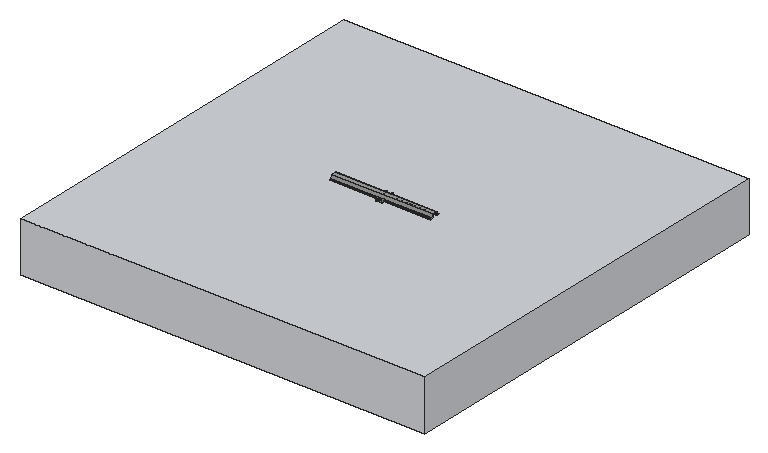
Revit family
Parameters
  Specification = "http://www.acousticalsurfaces.com/csi_specs/rsic/RSIC-V-Product-Guide-Specification.doc"
  Product Data = "http://www.acousticalsurfaces.com/rsic_clips/rsic_v.htm?d=46"
  Manufacturer Website = "www.acousticalsurfaces.com"
  Manufacturer Phone (Toll Free) = "(800) 448-0121"
  Manufacturer Phone = "(952) 448-5300"
  Manufacturer Fax = "(952) 448-2613"
  Manufacturer Email = "sales@acousticalsufaces.com"
  Manufacturer Address = "123 Columbia Court North, Suite 201, Chaska, Minnesota 55318"
  Default Elevation = 4' - 0"
  Construction Details = "http://www.acousticalsurfaces.com/rsic_clips/art/rsic-v/wall-24.jpg"
Reference planes (in)
  plane 1 "Center (Front/Back)": y = 0
  plane 2: z = 0
  plane 3 "Center (Left/Right)": x = 0
Forms (in)
  Extrusion 1, solid
    sketch origin (0, 0, 0) x (1, 0, 0) y (0, 1, 0)
      loop
        line (-48, 48) -> (-48, -48) -> (48, -48) -> (48, 48) -> (-48, 48)
    from 0 to -12
  Extrusion 2, solid, material "Metal Furring"
    sketch origin (0, 0, 1.17165) x (0, -1, 0) y (0, 0, -1)
      loop
        line (-0.63791, 0) -> (0.63791, 0) -> (0.74581, 0.75533)
        arc (0.74581, 0.75533) -> (0.76673, 0.79371) -> (0.80768, 0.80899) r 0.0625
        line (0.80768, 0.80899) -> (1.24686, 0.80899) -> (1.24686, 0.84326) -> (0.80825, 0.84326)
        arc (0.80825, 0.84326) -> (0.75706, 0.82416) -> (0.73091, 0.77619) r 0.07813
        line (0.73091, 0.77619) -> (0.62226, 0.01562) -> (-0.62226, 0.01562) -> (-0.73091, 0.77619)
        arc (-0.73091, 0.77619) -> (-0.75706, 0.82416) -> (-0.80825, 0.84326) r 0.07813
        line (-0.80825, 0.84326) -> (-1.24686, 0.84326) -> (-1.24686, 0.80899) -> (-0.80768, 0.80899)
        arc (-0.80768, 0.80899) -> (-0.76673, 0.79371) -> (-0.74581, 0.75533) r 0.0625
        line (-0.74581, 0.75533) -> (-0.63791, 0)
    from -12 to 12
  Extrusion 3, solid, material "Metal - Steel - Acoustical Surfaces - RSIC"
    sketch origin (0, 0, 1.10889) x (1, 0, 0) y (0, 0, -1)
      loop
        line (-0.71873, 1.04488) -> (-0.71873, 0.31597) -> (-0.68738, 0.31597) -> (-0.68738, 1.04907)
        arc (-0.68738, 1.04907) -> (-0.67738, 1.06941) -> (-0.65625, 1.07764) r 0.03125
        line (-0.65625, 1.07764) -> (0.65625, 1.07764)
        arc (0.65625, 1.07764) -> (0.67835, 1.06848) -> (0.6875, 1.04639) r 0.03125
        line (0.6875, 1.04639) -> (0.6875, 0.31597) -> (0.71873, 0.31597) -> (0.71873, 1.04789)
        arc (0.71873, 1.04789) -> (0.69991, 1.09111) -> (0.65625, 1.10889) r 0.0625
        line (0.65625, 1.10889) -> (-0.65625, 1.10889)
        arc (-0.65625, 1.10889) -> (-0.70097, 1.09005) -> (-0.71873, 1.04488) r 0.0625
    from -1.5 to 1.5
  Extrusion 4, void
    sketch origin (0, 0, 1.10889) x (0, -1, 0) y (0, 0, -1)
      loop
        line (1.26535, 0.93701) -> (-1.26535, 0.93701) -> (-1.26535, 0.7417) -> (-1.0102, 0.7417)
        spline (-1.0102, 0.7417) -> (-1.0137, 0.69044) -> (-1.02414, 0.63992) -> (-1.04138, 0.59084) -> (-1.06517, 0.54392) -> (-1.09517, 0.49983) -> (-1.13095, 0.45919) -> (-1.172, 0.42259) -> (-1.21774, 0.39054) -> (-1.2675, 0.36351) -> (-1.32059, 0.34188) -> (-1.37624, 0.32596) -> (-1.43365, 0.31597)
        line (-1.43365, 0.31597) -> (-1.57142, 0.31597) -> (-1.57142, 0.20901) -> (1.57142, 0.20901) -> (1.57142, 0.31597) -> (1.43365, 0.31597)
        spline (1.43365, 0.31597) -> (1.37624, 0.32596) -> (1.32059, 0.34188) -> (1.2675, 0.36351) -> (1.21774, 0.39054) -> (1.172, 0.42259) -> (1.13095, 0.45919) -> (1.09517, 0.49983) -> (1.06517, 0.54392) -> (1.04138, 0.59084) -> (1.02414, 0.63992) -> (1.0137, 0.69044) -> (1.0102, 0.7417)
        line (1.0102, 0.7417) -> (1.26535, 0.7417) -> (1.26535, 0.93701)
    from -1.34265 to 1.5
Cuts and joins
  Extrusion 4 cuts Extrusion 3
Dimensions and locks (in)
  aligned and locked: plane 2 to Extrusion 1
  aligned and locked: level to Extrusion 1
